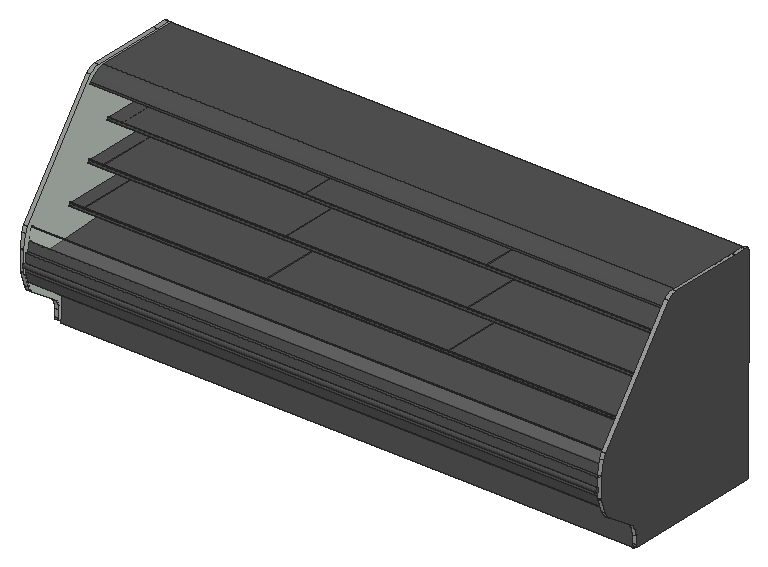
Revit family "E2V_2014", category Specialty Equipment, Revit 2014
Parameters (values of type "12'-0" Length")
  Width = 144 3/8"
  Waste Drain Location = if(Width = 48 1/8", 23 7/8", if(Width = 72 1/8", 48 1/16", if(Width = 96 1/4", 71 7/8", if(Width = 144 3/8", 72 1/4", 0"))))  # 72 1/4"
  Waste Drain = 1 1/2"  # constant formula
  URL = "www.hussmann.com"
  Type Comments = "Elite"  # constant formula
  Trim = Stainless Steel
  Total Weight = Case Weight + (2 * End Weight)  # 1200.00 lbf
  Splashguard = Textured Sheet Metal (Steel Painted) - 701 Black
  Side Panel - Right [instance] = yes
  Side Panel - Left [instance] = yes
  Shelves = Sheet Metal (Steel Painted) - 701 Black
  Shelf Lights [instance] = yes
  Shelf [instance] = yes
  Revit Family Date = "05/26/2016"  # constant formula
  Refrigeration Lines Suction = 7/8"  # constant formula
  Refrigeration Lines Liquid = 3/8"  # constant formula
  Refrig. Suction = "Suction"
  Refrig. Liquid = "Liquid"
  Number of Supports = if(Width < 50", 2, if(Width < 100", 3, 4))  # 4
  Number of Shelves = 3  # constant formula
  Note from Manufacturer = "This model only comes in 4'-0\", 6'-0\", 8'-0\", and 12'-0\" lengths."
  Model URL = "http://www.hussmann.com/en/product%20viewer/display-cases/E2,%20E3"
  Model = "E2V"  # constant formula
  Manufacturer Disclaimer = "The information in this file is not intended to be an exact representation of the corresponding Hussmann product.  Further, we reserve the right to change or revise specifications and product design in connection with any feature of our products. Such changes do not entitle the buyer to corresponding changes, improvements, additions, or replacements for equipment previously sold or shipped."  # constant formula
  Manufacturer = "Hussmann Corporation"  # constant formula
  Height = 52 3/4"  # constant formula
  Glazing = Glass
  Ends = Textured Sheet Metal (Steel Painted) - 701 Black
  End Weight = 100.00 lbf  # constant formula
  Description = "Self-Serve, Four-Level Display (3 Shelves Plus Bottom Deck)"  # constant formula
  Depth = 46 1/2"  # constant formula
  Cutsheet URL = "http://www.hussmann.com/en/Technical%20Documents/0475958_D_E2V.pdf"
  Case Weight = if(Width = 48 1/8", 400.00 lbf, if(Width = 72 1/8", 600.00 lbf, if(Width = 96 1/4", 800.00 lbf, if(Width = 144 3/8", 1000.00 lbf, 0.00 lbf))))  # 1000.00 lbf
  Case Interior - Side Panel = Mirror
  Case Interior - Back Panel = Sheet Metal (Steel Painted) - 701 Black
  Case = Textured Sheet Metal (Steel Painted) - 701 Black
  Bumper = Extruded PVC - 701 Black
  Assembly Code = ""
  Accessories/Options = ""
Types (4): name | Width | Waste Drain Location | Total Weight | Number of Supports | Case Weight
  12'-0" Length | 144 3/8" | 72 1/4" | 1200.00 lbf | 4 | 1000.00 lbf
  8'-0" Length | 96 1/4" | 71 7/8" | 1000.00 lbf | 3 | 800.00 lbf
  6'-0" Length | 72 1/8" | 48 1/16" | 800.00 lbf | 3 | 600.00 lbf
  4'-0" Length | 48 1/8" | 23 7/8" | 600.00 lbf | 2 | 400.00 lbf
Reference planes (in)
  plane 1 "Back": y = 0
  plane 2 "Bottom": z = 0
  plane 3 "Left": x = -77.30699
  plane 4 "Front": y = -46.5
  plane 5 "Center (Left/Right)": x = -5.11949
  plane 6: x = -78.30699
  plane 7 "Right": x = 67.06801
  plane 8: x = 68.06801
  plane 9: z = 40
  plane 10 "Top": z = 52.75
  plane 11: z = 26
  plane 12: z = 33
Forms (in)
  Extrusion 1, solid, material "Metal - Copper"
    sketch origin (63.0625, 1.04319, 0) x (1, 0, 0) y (0, 1, 0)
      loop
        arc (-68.11949, -27.91819) -> (-68.64982, -28.13786) -> (-68.86949, -28.66819) r 0.75
        arc (-68.86949, -28.66819) -> (-68.64982, -29.19852) -> (-68.11949, -29.41819) r 0.75
        arc (-68.11949, -29.41819) -> (-67.58916, -29.19852) -> (-67.36949, -28.66819) r 0.75
        arc (-67.36949, -28.66819) -> (-67.58916, -28.13786) -> (-68.11949, -27.91819) r 0.75
      loop
        circle (-68.11949, -28.66819) r 0.7102
    from 9.341 to 7.05684
  Extrusion 2, solid, material "Metal - Copper"
    sketch origin (57.40105, 5, -0.375) x (1, 0, 0) y (0, 1, 0)
      loop
        circle (0.85446, -35.75) r 0.41359
      loop
        circle (0.85446, -35.75) r 0.4375
    from 9.716 to 3.312
  Extrusion 3, solid, material "Metal - Copper"
    sketch origin (59.82608, 5, -0.375) x (1, 0, 0) y (0, 1, 0)
      loop
        circle (-0.94557, -35.75) r 0.17188
      loop
        circle (-0.94557, -35.75) r 0.1875
    from 9.716 to 3.312
  Extrusion 4, solid, material "Sheet Metal (Steel Painted) - 701 Black" <- "Shelves"
    sketch origin (-5.11949, 0, 0) x (0, 1, 0) y (0, 0, 1)
      loop
        line (-40.48372, 17.39215) -> (-9.62794, 19.0067) -> (-9.67063, 19.82268) -> (-40.52642, 18.20813) -> (-40.48372, 17.39215)
    from 72.1875 to -72.1875
  Extrusion 5, solid, material "Glass" <- "Glazing"
    sketch origin (-5.11949, 0, 0) x (0, 1, 0) y (0, 0, 1)
      loop
        line (-40.8455, 17.28741) -> (-40.5955, 17.28741) -> (-40.5955, 19.66241)
        arc (-40.5955, 19.66241) -> (-40.7205, 19.78741) -> (-40.8455, 19.66241) r 0.125
        line (-40.8455, 19.66241) -> (-40.8455, 17.28741)
      loop
        line (-44.47761, 20.4683) -> (-43.55252, 25.71474)
        arc (-43.55252, 25.71474) -> (-43.74395, 25.98814) -> (-44.01735, 25.7967) r 0.236
        line (-44.01735, 25.7967) -> (-44.94244, 20.55026) -> (-44.47761, 20.4683)
    from 72.1875 to -72.1875
  Extrusion 6, solid, material "Extruded PVC - 701 Black" <- "Bumper"
    sketch origin (-5.11949, 0, 0) x (0, 1, 0) y (0, 0, 1)
      loop
        arc (-45.94652, 18.62751) -> (-46.50002, 18.07401) -> (-45.94652, 17.52051) r 0.5535
        line (-45.94652, 17.52051) -> (-45.76342, 17.52051) -> (-45.76342, 18.62751) -> (-45.94652, 18.62751)
    from 72.1875 to -72.1875
  Extrusion 7, solid, material "Textured Sheet Metal (Steel Painted) - 701 Black" <- "Case"
    sketch origin (-5.11949, 0, 0) x (0, 1, 0) y (0, 0, 1)
      loop
        arc (-9.66572, 44.32179) -> (-9.63914, 44.3264) -> (-9.627, 44.3505) r 0.03
        line (-9.627, 44.3505) -> (-9.627, 47.82641) -> (-15.14588, 47.82641) -> (-16.29157, 46.67994) -> (-16.49346, 46.88183) -> (-16.46836, 46.90693) -> (-19.01093, 49.4495) -> (-19.32287, 49.13758) -> (-20.57112, 50.38583) -> (-20.57112, 51.24032) -> (-23.99891, 51.24032) -> (-24.82484, 49.80954)
        arc (-24.82484, 49.80954) -> (-25.27457, 49.8091) -> (-25.31947, 50.25658) r 0.335
        arc (-25.31947, 50.25658) -> (-23.54853, 51.88988) -> (-21.29819, 52.75002) r 6.37988
        line (-21.29819, 52.75002) -> (0, 52.75002) -> (0, 37.3865) -> (-0.15375, 37.3865) -> (-0.15375, 38.3865) -> (-3.25, 38.3865) -> (-3.25, 13.43411) -> (-10.34372, 9.341) -> (-36.25648, 9.341) -> (-36.55017, 9.51056) -> (-36.55017, 8.65) -> (-34.0935, 8.65) -> (-34.0935, 8.178) -> (-33.9385, 8.178) -> (-33.9385, 8.65) -> (-33.4035, 8.65) -> (-33.4035, 8.615) -> (-33.9035, 8.615) -> (-33.9035, 8.143) -> (-36.4065, 8.143) -> (-36.4065, 7.67614) -> (-36.03256, 7.67614) -> (-36.03256, 7.64114) -> (-36.4415, 7.64114) -> (-36.4415, 8.178) -> (-36.55633, 8.178) -> (-36.55549, 8.35988) -> (-36.74498, 8.35988) -> (-44.82332, 13.76872) -> (-45.76342, 16.44776) -> (-45.76342, 20.77364)
        arc (-45.76342, 20.77364) -> (-45.74174, 20.82598) -> (-45.6894, 20.84766) r 0.07402
        line (-45.6894, 20.84766) -> (-45.05141, 20.84766) -> (-44.61033, 23.10432) -> (-44.50068, 23.05556) -> (-44.94244, 20.55026) -> (-44.47761, 20.4683) -> (-44.38704, 20.98191) -> (-42.10955, 20.98191) -> (-42.10955, 18.05341) -> (-40.8455, 18.05341) -> (-40.8455, 17.28741) -> (-38.76934, 17.28741) -> (-38.76934, 16.49041) -> (-38.9685, 16.49041) -> (-38.9685, 15.236) -> (-18.49871, 15.236) -> (-10.93858, 18.76135) -> (-9.616, 18.76135) -> (-9.616, 44.285) -> (-9.686, 44.285)
        arc (-9.686, 44.285) -> (-9.70721, 44.27621) -> (-9.716, 44.255) r 0.03
        line (-9.716, 44.255) -> (-9.716, 43.7188) -> (-9.7515, 43.7188) -> (-9.7515, 44.255)
        arc (-9.7515, 44.255) -> (-9.72501, 44.30761) -> (-9.66697, 44.31767) r 0.0655
    from 72.1875 to -72.1875
  Extrusion 8, solid, material "Textured Sheet Metal (Steel Painted) - 701 Black" <- "Splashguard"
    sketch origin (-5.11949, 0, 0) x (0, 1, 0) y (0, 0, 1)
      loop
        line (-34.5, 0.07062) -> (-34.3225, 0.07062) -> (-34.3225, 0.024) -> (-28.3735, 0.024) -> (-28.3735, 2.008) -> (-28.9205, 2.008) -> (-28.9205, 0.571) -> (-33.7755, 0.571) -> (-33.7755, 0.107) -> (-34.065, 0.107) -> (-34.065, 8.037) -> (-33.79, 8.037) -> (-33.79, 7.637) -> (-33.755, 7.637) -> (-33.755, 8.072) -> (-34.5, 8.072) -> (-34.5, 0.07062)
    from 72.1875 to -72.1875
  Extrusion 9, solid, material "Stainless Steel"
    sketch origin (-5.11949, 0, 0) x (0, 1, 0) y (0, 0, 1)
      loop
        line (-7.6065, 2.173) -> (-7.6065, 2.102) -> (-6.7315, 2.102) -> (-6.7315, 0) -> (-4.3395, 0) -> (-4.3395, 2.102) -> (-3.4645, 2.102) -> (-3.4645, 2.173) -> (-4.4105, 2.173) -> (-4.4105, 0.071) -> (-6.6605, 0.071) -> (-6.6605, 2.173) -> (-7.6065, 2.173)
      loop
        line (-29.2485, 2.173) -> (-29.2485, 2.102) -> (-28.3735, 2.102) -> (-28.3735, 0) -> (-25.9815, 0) -> (-25.9815, 2.102) -> (-25.1065, 2.102) -> (-25.1065, 2.173) -> (-26.0525, 2.173) -> (-26.0525, 0.071) -> (-28.3025, 0.071) -> (-28.3025, 2.173) -> (-29.2485, 2.173)
    from 72.1875 to -72.1875
  Extrusion 10, solid, material "Textured Sheet Metal (Steel Painted) - 701 Black" <- "Ends", visible <- "Side Panel - Left"
    sketch origin (-77.30699, 0, 0) x (0, 1, 0) y (0, 0, 1)
      loop
        line (-24.84855, 51.86158) -> (-44.73038, 26.19719)
        arc (-44.73038, 26.19719) -> (-45.09076, 25.593) -> (-45.29544, 24.91993) r 2.907
        line (-45.29544, 24.91993) -> (-45.91396, 21.39949)
        arc (-45.91396, 21.39949) -> (-45.91961, 21.35639) -> (-45.9215, 21.31297) r 0.5
        line (-45.9215, 21.31297) -> (-45.9215, 16.27157)
        arc (-45.9215, 16.27157) -> (-45.9144, 16.1876) -> (-45.8933, 16.10601) r 0.5
        line (-45.8933, 16.10601) -> (-44.63688, 12.52557)
        arc (-44.63688, 12.52557) -> (-44.19221, 11.70832) -> (-43.51197, 11.07357) r 2.905
        line (-43.51197, 11.07357) -> (-36.85923, 6.61924)
        arc (-36.85923, 6.61924) -> (-35.57432, 5.19954) -> (-35.1095, 3.342) r 3.944
        line (-35.1095, 3.342) -> (-35.1095, 1.26732)
        arc (-35.1095, 1.26732) -> (-34.96305, 0.91377) -> (-34.6095, 0.76732) r 0.5
        line (-34.6095, 0.76732) -> (-0.3965, 0.76732)
        arc (-0.3965, 0.76732) -> (-0.04295, 0.91377) -> (0.1035, 1.26732) r 0.5
        line (0.1035, 1.26732) -> (0.1035, 1.76724) -> (0.1035, 51.98732) -> (0.1035, 52.48732)
        arc (0.1035, 52.48732) -> (-0.04295, 52.84088) -> (-0.3965, 52.98732) r 0.5
        line (-0.3965, 52.98732) -> (-3.8965, 52.98732) -> (-22.55243, 52.98732)
        arc (-22.55243, 52.98732) -> (-23.83105, 52.69075) -> (-24.84855, 51.86158) r 2.90451
    from 0 to -1
  Extrusion 11, solid, material "Textured Sheet Metal (Steel Painted) - 701 Black" <- "Ends", visible <- "Side Panel - Right"
    sketch origin (67.06801, 0, 0) x (0, 0, 1) y (0, -1, 0)
      loop
        line (51.86158, 24.84855) -> (26.19719, 44.73038)
        arc (26.19719, 44.73038) -> (25.593, 45.09076) -> (24.91993, 45.29544) r 2.907
        line (24.91993, 45.29544) -> (21.39949, 45.91396)
        arc (21.39949, 45.91396) -> (21.35639, 45.91961) -> (21.31297, 45.9215) r 0.5
        line (21.31297, 45.9215) -> (16.27157, 45.9215)
        arc (16.27157, 45.9215) -> (16.1876, 45.9144) -> (16.10601, 45.8933) r 0.5
        line (16.10601, 45.8933) -> (12.52557, 44.63688)
        arc (12.52557, 44.63688) -> (11.70832, 44.19221) -> (11.07357, 43.51197) r 2.905
        line (11.07357, 43.51197) -> (6.61924, 36.85923)
        arc (6.61924, 36.85923) -> (5.19954, 35.57432) -> (3.342, 35.1095) r 3.944
        line (3.342, 35.1095) -> (1.26732, 35.1095)
        arc (1.26732, 35.1095) -> (0.91377, 34.96305) -> (0.76732, 34.6095) r 0.5
        line (0.76732, 34.6095) -> (0.76732, 0.3965)
        arc (0.76732, 0.3965) -> (0.91377, 0.04295) -> (1.26732, -0.1035) r 0.5
        line (1.26732, -0.1035) -> (1.76724, -0.1035) -> (51.98732, -0.1035) -> (52.48732, -0.1035)
        arc (52.48732, -0.1035) -> (52.84088, 0.04295) -> (52.98732, 0.3965) r 0.5
        line (52.98732, 0.3965) -> (52.98732, 3.8965) -> (52.98732, 22.55243)
        arc (52.98732, 22.55243) -> (52.69075, 23.83105) -> (51.86158, 24.84855) r 2.90451
    from 1 to 0
  Extrusion 12, solid, material "Sheet Metal (Steel Painted) - 701 Black" <- "Shelves", visible <- "Shelf"
    sketch origin (-77.30699, 0, 4) x (0, 1, 0) y (0, 0, 1)
      loop
        line (-19.83741, 35.38588) -> (-19.63861, 35.58468) -> (-19.67113, 35.58468) -> (-19.85367, 35.40214)
        arc (-19.85367, 35.40214) -> (-19.87002, 35.39889) -> (-19.87928, 35.41275) r 0.015
        line (-19.87928, 35.41275) -> (-19.87928, 36.058)
        arc (-19.87928, 36.058) -> (-19.81666, 36.13197) -> (-19.73337, 36.08242) r 0.075
        line (-19.73337, 36.08242) -> (-19.70589, 36.00263)
        arc (-19.70589, 36.00263) -> (-19.69203, 35.98406) -> (-19.66997, 35.977) r 0.038
        line (-19.66997, 35.977) -> (-9.83349, 35.977) -> (-9.85649, 36) -> (-19.68067, 36) -> (-19.71162, 36.0899)
        arc (-19.71162, 36.0899) -> (-19.82046, 36.15465) -> (-19.90228, 36.058) r 0.098
        line (-19.90228, 36.058) -> (-19.90228, 35.41275)
        arc (-19.90228, 35.41275) -> (-19.87882, 35.37764) -> (-19.83741, 35.38588) r 0.038
      loop
        line (-31.83741, 21.38588) -> (-31.63861, 21.58468) -> (-31.67113, 21.58468) -> (-31.85367, 21.40214)
        arc (-31.85367, 21.40214) -> (-31.87002, 21.39889) -> (-31.87928, 21.41275) r 0.015
        line (-31.87928, 21.41275) -> (-31.87928, 22.058)
        arc (-31.87928, 22.058) -> (-31.81666, 22.13197) -> (-31.73337, 22.08242) r 0.075
        line (-31.73337, 22.08242) -> (-31.70589, 22.00263)
        arc (-31.70589, 22.00263) -> (-31.69203, 21.98406) -> (-31.66997, 21.977) r 0.038
        line (-31.66997, 21.977) -> (-9.83349, 21.977) -> (-9.85649, 22) -> (-31.68067, 22) -> (-31.71162, 22.0899)
        arc (-31.71162, 22.0899) -> (-31.82046, 22.15465) -> (-31.90228, 22.058) r 0.098
        line (-31.90228, 22.058) -> (-31.90228, 21.41275)
        arc (-31.90228, 21.41275) -> (-31.87882, 21.37764) -> (-31.83741, 21.38588) r 0.038
      loop
        line (-25.83741, 28.38588) -> (-25.63861, 28.58468) -> (-25.67113, 28.58468) -> (-25.85367, 28.40214)
        arc (-25.85367, 28.40214) -> (-25.87002, 28.39889) -> (-25.87928, 28.41275) r 0.015
        line (-25.87928, 28.41275) -> (-25.87928, 29.058)
        arc (-25.87928, 29.058) -> (-25.81666, 29.13197) -> (-25.73337, 29.08242) r 0.075
        line (-25.73337, 29.08242) -> (-25.70589, 29.00263)
        arc (-25.70589, 29.00263) -> (-25.69203, 28.98406) -> (-25.66997, 28.977) r 0.038
        line (-25.66997, 28.977) -> (-9.83349, 28.977) -> (-9.85649, 29) -> (-25.68067, 29) -> (-25.71162, 29.0899)
        arc (-25.71162, 29.0899) -> (-25.82046, 29.15465) -> (-25.90228, 29.058) r 0.098
        line (-25.90228, 29.058) -> (-25.90228, 28.41275)
        arc (-25.90228, 28.41275) -> (-25.87882, 28.37764) -> (-25.83741, 28.38588) r 0.038
    from 0 to 144.375
Lines and regions (in)
  reference lines
    curve 1: line (-73.80699, -46.5, 0) -> (-73.80699, 0, 0)
    curve 2: line (-5.05699, -46.5, 0) -> (-5.05699, 0, 0)
    curve 3: line (63.56801, -46.5, 0) -> (63.56801, 0, 0)
    curve 4: line (58.69301, -46.5, 0) -> (58.69301, 0, 0)
    curve 5: line (-77.30699, -27.625, 0) -> (67.06801, -27.625, 0)
    curve 6: line (67.06801, -30.75, 0) -> (-77.30699, -30.75, 0)
Dimensions and locks (in)
  equal spacing: plane 3 "Left", plane 5 "Center (Left/Right)", plane 7 "Right"
  locked: plane 6 to plane 3 "Left" at 1
  "Width": plane 3 "Left" to plane 7 "Right"
  locked: plane 3 "Left" to curve 1 at 3.5
  locked: curve 3 to plane 7 "Right" at 3.5
  "Waste Drain Location": plane 3 "Left" to curve 2
  "Depth": plane 4 "Front" to plane 1 "Back"
  locked: curve 4 to plane 7 "Right" at 8.375
  plane 10 "Top" to level = 52 3/4"
  locked: plane 1 "Back" to curve 5 at 27.625
  locked: plane 1 "Back" to curve 6 at 30.75
  locked: plane 7 "Right" to plane 8 at 1
  locked: Extrusion 1 sketch curve to Extrusion 1 sketch curve at 0.0398
  locked: Extrusion 3 sketch curve to Extrusion 3 sketch curve at 0.01562
  locked: Extrusion 2 sketch curve to Extrusion 2 sketch curve at 0.02391
  locked: level to plane 9 at 40
  equal spacing: group 1, group 3, group 4, group 2  (x3)
  level to plane 12 = 33"
  level to plane 11 = 26"
  "Waste Drain": diameter of Extrusion 1 sketch curve
  "Refrigeration Lines Liquid": diameter of Extrusion 3 sketch curve
  "Refrigeration Lines Suction": diameter of Extrusion 2 sketch curve
  aligned and locked: plane 4 "Front" to curve 2
  aligned and locked: plane 4 "Front" to curve 3
  aligned and locked: plane 4 "Front" to curve 1
  aligned and locked: plane 3 "Left" to curve 5
  aligned and locked: plane 3 "Left" to curve 6
  aligned and locked: plane 7 "Right" to curve 6
  aligned and locked: plane 7 "Right" to curve 5
  aligned and locked: curve 6 to Extrusion 3 sketch curve  (x4)
  aligned and locked: curve 6 to Extrusion 2 sketch curve  (x4)
  aligned and locked: curve 5 to Extrusion 1 sketch curve  (x3)
  aligned and locked: curve 2 to Extrusion 1 sketch curve
  aligned and locked: curve 4 to Extrusion 3 sketch curve
  aligned and locked: curve 4 to Extrusion 2 sketch curve
  aligned and locked: Extrusion 4 to plane 3 "Left"
  aligned and locked: plane 7 "Right" to Extrusion 4
  aligned and locked: Extrusion 5 to plane 3 "Left"
  aligned and locked: plane 7 "Right" to Extrusion 5
  aligned and locked: Extrusion 6 to plane 3 "Left"
  aligned and locked: plane 7 "Right" to Extrusion 6
  aligned and locked: Extrusion 7 to plane 3 "Left"
  aligned and locked: plane 7 "Right" to Extrusion 7
  aligned and locked: Extrusion 8 to plane 3 "Left"
  aligned and locked: plane 7 "Right" to Extrusion 8
  aligned and locked: Extrusion 9 to plane 3 "Left"
  aligned and locked: plane 7 "Right" to Extrusion 9
  aligned and locked: plane 3 "Left" to nested 1
  aligned and locked: plane 3 "Left" to nested 2
  aligned and locked: plane 6 to Extrusion 10
  aligned and locked: plane 3 "Left" to Extrusion 10
  aligned and locked: plane 8 to Extrusion 11
  aligned and locked: Extrusion 11 to plane 7 "Right"
  aligned and locked: curve 1 to nested 4
  aligned and locked: curve 1 to nested 3
  aligned and locked: plane 7 "Right" to Extrusion 12
  aligned and locked: Extrusion 12 to plane 3 "Left"
  aligned and locked: curve 3 to nested 6
  aligned and locked: curve 3 to nested 5
  aligned and locked: plane 1 "Back" to nested 7
  aligned and locked: curve 1 to nested 7
  aligned and locked: plane 3 "Left" to nested 9
  aligned and locked: plane 3 "Left" to nested 10
  aligned and locked: plane 3 "Left" to nested 21
Automatic sketch dimensions
  plane 4 "Front" to Extrusion 6 sketch curve = 0.55348"
  level to Extrusion 6 sketch curve = 17.52051"
  Extrusion 6 sketch curve to Extrusion 6 sketch curve = 0.5535"
  Extrusion 6 sketch curve to Extrusion 6 sketch curve = 0.1831"
  Extrusion 9 sketch curve to level = 0"  (x2)
  level to Extrusion 9 sketch curve = 2.173"  (x2)
  plane 4 "Front" to Extrusion 9 sketch curve = 17.2515"
  Extrusion 9 sketch curve to Extrusion 9 sketch curve = 7/8"  (x4)
  Extrusion 9 sketch curve to Extrusion 9 sketch curve = 0.071"  (x8)
  Extrusion 9 sketch curve to Extrusion 9 sketch curve = 2 1/4"  (x2)
  plane 1 "Back" to Extrusion 9 sketch curve = 7.6065"
  level to Extrusion 9 sketch curve = 0.071"  (x2)
  Extrusion 9 sketch curve to Extrusion 9 sketch curve = 2.031"
  level to Extrusion 9 sketch curve = 2.102"
  Extrusion 5 sketch curve to Extrusion 5 sketch curve = 1/8"
  Extrusion 5 sketch curve to Extrusion 5 sketch curve = 2 3/8"
  plane 4 "Front" to Extrusion 5 sketch curve = 5.6545"
  plane 4 "Front" to Extrusion 5 sketch curve = 2.94748"
  Extrusion 5 sketch curve to Extrusion 5 sketch curve = 0.23241"  (x2)
  plane 4 "Front" to Extrusion 5 sketch curve = 2.02239"
  Extrusion 5 sketch curve to Extrusion 5 sketch curve = 119/256"
  Extrusion 7 sketch curve to Extrusion 7 sketch curve = 0"  (x3)
  Extrusion 7 sketch curve to plane 1 "Back" = 0"
  plane 1 "Back" to Extrusion 7 sketch curve = 0.15375"
  Extrusion 7 sketch curve to Extrusion 7 sketch curve = 3.09625"
  Extrusion 7 sketch curve to Extrusion 7 sketch curve = 6.366"
  Extrusion 7 sketch curve to Extrusion 7 sketch curve = 0.011"
  Extrusion 7 sketch curve to Extrusion 7 sketch curve = 0.03"  (x2)
  Extrusion 7 sketch curve to Extrusion 7 sketch curve = 0.07"
  Extrusion 7 sketch curve to Extrusion 7 sketch curve = 0.0355"
  Extrusion 7 sketch curve to Extrusion 7 sketch curve = 8.15499"
  Extrusion 7 sketch curve to Extrusion 7 sketch curve = 5.51888"
  Extrusion 7 sketch curve to Extrusion 7 sketch curve = 1.14569"
  Extrusion 7 sketch curve to Extrusion 7 sketch curve = 0.17679"
  level to Extrusion 7 sketch curve = 46.88183"
  Extrusion 7 sketch curve to Extrusion 7 sketch curve = 0.31195"
  Extrusion 7 sketch curve to Extrusion 7 sketch curve = 0.86361"
  Extrusion 7 sketch curve to Extrusion 7 sketch curve = 1.5602"
  Extrusion 7 sketch curve to Extrusion 7 sketch curve = 0.72706"
  Extrusion 7 sketch curve to Extrusion 7 sketch curve = 2.70073"
  Extrusion 7 sketch curve to Extrusion 7 sketch curve = 0.82592"
  Extrusion 7 sketch curve to Extrusion 7 sketch curve = 0.22511"
  plane 4 "Front" to Extrusion 7 sketch curve = 13.0965"
  Extrusion 7 sketch curve to Extrusion 7 sketch curve = 1/2"
  Extrusion 7 sketch curve to Extrusion 7 sketch curve = 0.035"  (x5)
  Extrusion 7 sketch curve to Extrusion 7 sketch curve = 0.15501"
  Extrusion 7 sketch curve to Extrusion 7 sketch curve = 1.93905"
  Extrusion 7 sketch curve to Extrusion 7 sketch curve = 0.22392"
  Extrusion 7 sketch curve to Extrusion 7 sketch curve = 0.40895"
  Extrusion 7 sketch curve to Extrusion 7 sketch curve = 0.11482"
  Extrusion 7 sketch curve to Extrusion 7 sketch curve = 0.29369"
  Extrusion 7 sketch curve to Extrusion 7 sketch curve = 0.18949"
  Extrusion 7 sketch curve to Extrusion 7 sketch curve = 2.21917"
  Extrusion 7 sketch curve to Extrusion 7 sketch curve = 0.19916"
  Extrusion 7 sketch curve to Extrusion 7 sketch curve = 2.07616"
  Extrusion 7 sketch curve to Extrusion 7 sketch curve = 1.26405"
  plane 4 "Front" to Extrusion 7 sketch curve = 2.11296"
  Extrusion 7 sketch curve to Extrusion 7 sketch curve = 0.09056"
  plane 4 "Front" to Extrusion 7 sketch curve = 1.99932"
  Extrusion 7 sketch curve to Extrusion 7 sketch curve = 0.10965"
  plane 4 "Front" to Extrusion 7 sketch curve = 1.67668"
  Extrusion 7 sketch curve to Extrusion 7 sketch curve = 119/256"
  Extrusion 7 sketch curve to Extrusion 7 sketch curve = 0.10897"
  Extrusion 7 sketch curve to Extrusion 7 sketch curve = 0.63799"
  plane 4 "Front" to Extrusion 7 sketch curve = 0.73658"
  Extrusion 7 sketch curve to Extrusion 7 sketch curve = 2.07365"
  Extrusion 7 sketch curve to Extrusion 7 sketch curve = 0.2974"
  Extrusion 7 sketch curve to Extrusion 7 sketch curve = 2.9285"
  Extrusion 7 sketch curve to Extrusion 7 sketch curve = 0.766"
  Extrusion 7 sketch curve to Extrusion 7 sketch curve = 0.797"
  Extrusion 7 sketch curve to Extrusion 7 sketch curve = 1.60565"
  Extrusion 7 sketch curve to Extrusion 7 sketch curve = 2.67904"
  Extrusion 7 sketch curve to Extrusion 7 sketch curve = 1.80189"
  Extrusion 7 sketch curve to Extrusion 7 sketch curve = 5.72544"
  Extrusion 7 sketch curve to Extrusion 7 sketch curve = 5.895"
  Extrusion 7 sketch curve to Extrusion 7 sketch curve = 0.691"
  Extrusion 7 sketch curve to Extrusion 7 sketch curve = 0.29012"
  Extrusion 7 sketch curve to Extrusion 7 sketch curve = 0.18188"
  Extrusion 7 sketch curve to Extrusion 7 sketch curve = 0.437"
  Extrusion 7 sketch curve to Extrusion 7 sketch curve = 0.46685"
  plane 9 to Extrusion 7 sketch curve = 2.6135"
  plane 9 to Extrusion 7 sketch curve = 1.6135"
  Extrusion 7 sketch curve to Extrusion 7 sketch curve = 4.10761"
  Extrusion 7 sketch curve to Extrusion 7 sketch curve = 0.5362"
  Extrusion 7 sketch curve to Extrusion 7 sketch curve = 0.0655"
  Extrusion 7 sketch curve to Extrusion 7 sketch curve = 0.24809"
  Extrusion 7 sketch curve to Extrusion 7 sketch curve = 0.8545"
  Extrusion 7 sketch curve to Extrusion 7 sketch curve = 0.00872"
  Extrusion 7 sketch curve to Extrusion 7 sketch curve = 0.00125"
  Extrusion 7 sketch curve to Extrusion 7 sketch curve = 0.18865"
  level to Extrusion 8 sketch curve = 7.637"
  plane 4 "Front" to Extrusion 8 sketch curve = 12.71"
  Extrusion 8 sketch curve to Extrusion 8 sketch curve = 0.035"  (x2)
  Extrusion 8 sketch curve to Extrusion 8 sketch curve = 0.275"
  level to Extrusion 8 sketch curve = 2.008"
  Extrusion 8 sketch curve to Extrusion 8 sketch curve = 4.855"
  Extrusion 8 sketch curve to Extrusion 8 sketch curve = 0.547"  (x2)
  level to Extrusion 8 sketch curve = 0.07062"
  Extrusion 8 sketch curve to Extrusion 8 sketch curve = 0.464"
  Extrusion 8 sketch curve to Extrusion 8 sketch curve = 0.1775"
  level to Extrusion 8 sketch curve = 0.024"
  Extrusion 8 sketch curve to Extrusion 8 sketch curve = 0.03638"
  Extrusion 8 sketch curve to Extrusion 8 sketch curve = 0.2575"
  Extrusion 8 sketch curve to Extrusion 8 sketch curve = 0.4"
  plane 4 "Front" to Extrusion 4 sketch curve = 5.97358"
  Extrusion 4 sketch curve to Extrusion 4 sketch curve = 0.0427"
  plane 1 "Back" to Extrusion 4 sketch curve = 9.67063"
  Extrusion 4 sketch curve to Extrusion 4 sketch curve = 0.81598"
  plane 10 "Top" to Extrusion 7 sketch curve = 2.69237"
  Extrusion 7 sketch curve to Extrusion 7 sketch curve = 8.58159"
  Extrusion 7 sketch curve to Extrusion 7 sketch curve = 0.0251"
  Extrusion 7 sketch curve to plane 9 = 3.7188"
  Extrusion 7 sketch curve to Extrusion 7 sketch curve = 0.41408"
  Extrusion 7 sketch curve to Extrusion 7 sketch curve = 0.20189"
  Extrusion 7 sketch curve to Extrusion 7 sketch curve = 0.31193"
  Extrusion 7 sketch curve to Extrusion 7 sketch curve = 1.24825"
  Extrusion 7 sketch curve to plane 10 "Top" = 0.00002"
  level to Extrusion 11 sketch curve = 0.76732"
  plane 1 "Back" to Extrusion 11 sketch curve = 0.3965"
  Extrusion 11 sketch curve to Extrusion 11 sketch curve = 1/2"  (x2)
  Extrusion 11 sketch curve to Extrusion 11 sketch curve = 0.49992"
  Extrusion 11 sketch curve to Extrusion 11 sketch curve = 2.07467"
  Extrusion 11 sketch curve to Extrusion 11 sketch curve = 3.27724"
  plane 4 "Front" to Extrusion 11 sketch curve = 2.98803"
  Extrusion 11 sketch curve to Extrusion 11 sketch curve = 4.45433"
  plane 4 "Front" to Extrusion 11 sketch curve = 1.86312"
  Extrusion 11 sketch curve to Extrusion 11 sketch curve = 1.452"
  Extrusion 11 sketch curve to Extrusion 11 sketch curve = 0.96189"
  plane 4 "Front" to Extrusion 11 sketch curve = 0.6067"
  Extrusion 11 sketch curve to Extrusion 11 sketch curve = 3.58044"
  Extrusion 11 sketch curve to Extrusion 11 sketch curve = 0.16556"
  plane 4 "Front" to Extrusion 11 sketch curve = 1.0785"
  Extrusion 11 sketch curve to Extrusion 11 sketch curve = 5.0414"
  plane 4 "Front" to Extrusion 11 sketch curve = 0.58604"
  Extrusion 11 sketch curve to Extrusion 11 sketch curve = 0.08652"
  plane 4 "Front" to Extrusion 11 sketch curve = 1.20456"
  Extrusion 11 sketch curve to Extrusion 11 sketch curve = 0.50303"
  Extrusion 11 sketch curve to Extrusion 11 sketch curve = 1.27726"
  plane 10 "Top" to Extrusion 11 sketch curve = 2.66719"
  plane 10 "Top" to Extrusion 11 sketch curve = 0.88842"
  plane 10 "Top" to Extrusion 11 sketch curve = 0.76268"
  plane 10 "Top" to Extrusion 11 sketch curve = 0.26268"
  Extrusion 11 sketch curve to plane 10 "Top" = 0.23732"
  Extrusion 11 sketch curve to Extrusion 11 sketch curve = 3 1/2"
  Extrusion 11 sketch curve to Extrusion 11 sketch curve = 18.65593"
  plane 4 "Front" to Extrusion 11 sketch curve = 11.8905"
  Extrusion 11 sketch curve to Extrusion 11 sketch curve = 1.74973"
  Extrusion 11 sketch curve to Extrusion 11 sketch curve = 2.86315"
  plane 4 "Front" to Extrusion 10 sketch curve = 0.5785"
  Extrusion 10 sketch curve to Extrusion 10 sketch curve = 0.00754"
  Extrusion 10 sketch curve to Extrusion 10 sketch curve = 0.0282"
  Extrusion 10 sketch curve to Extrusion 10 sketch curve = 1/2"  (x3)
  Extrusion 10 sketch curve to Extrusion 10 sketch curve = 0.4718"
  plane 4 "Front" to Extrusion 10 sketch curve = 1.20456"
  Extrusion 10 sketch curve to Extrusion 10 sketch curve = 0.56506"
  plane 4 "Front" to Extrusion 10 sketch curve = 1.86312"
  Extrusion 10 sketch curve to Extrusion 10 sketch curve = 1.12491"
  Extrusion 10 sketch curve to Extrusion 10 sketch curve = 2.86315"
  Extrusion 10 sketch curve to Extrusion 10 sketch curve = 1.61622"
  plane 4 "Front" to Extrusion 10 sketch curve = 7.4465"
  level to Extrusion 10 sketch curve = 6.61924"
  Extrusion 10 sketch curve to Extrusion 10 sketch curve = 2.19427"
  level to Extrusion 10 sketch curve = 3.342"
  plane 10 "Top" to Extrusion 10 sketch curve = 0.88842"
  plane 4 "Front" to Extrusion 10 sketch curve = 21.65145"
  Extrusion 10 sketch curve to Extrusion 10 sketch curve = 2.29612"
  Extrusion 10 sketch curve to plane 10 "Top" = 0.23732"
  plane 1 "Back" to Extrusion 10 sketch curve = 3.8965"
  plane 1 "Back" to Extrusion 10 sketch curve = 0.3965"  (x2)
  Extrusion 10 sketch curve to plane 1 "Back" = 0.1035"
  level to Extrusion 10 sketch curve = 1.76724"
  level to Extrusion 10 sketch curve = 1.26732"
  Extrusion 10 sketch curve to Extrusion 10 sketch curve = 4.45433"
  Extrusion 10 sketch curve to Extrusion 10 sketch curve = 1.452"
  Extrusion 10 sketch curve to Extrusion 10 sketch curve = 3.58044"
  Extrusion 10 sketch curve to Extrusion 10 sketch curve = 5.0414"
  Extrusion 10 sketch curve to Extrusion 10 sketch curve = 0.50303"
  Extrusion 7 sketch curve to Extrusion 7 sketch curve = 7.56014"
  Extrusion 7 sketch curve to Extrusion 7 sketch curve = 3.52535"
  Extrusion 7 sketch curve to Extrusion 7 sketch curve = 1.32258"
  Extrusion 1 sketch curve to Extrusion 1 sketch curve = 0"  (x2)
  Extrusion 2 sketch curve to Extrusion 2 sketch curve = 0"
  Extrusion 3 sketch curve to Extrusion 3 sketch curve = 0"
  curve 4 to plane 4 "Front" = 0"
  plane 1 "Back" to curve 4 = 0"
  plane 1 "Back" to curve 1 = 0"
  plane 1 "Back" to curve 3 = 0"
  plane 1 "Back" to curve 2 = 0"
  Extrusion 12 sketch curve to Extrusion 12 sketch curve = 0"  (x17)
  plane 9 to Extrusion 12 sketch curve = 0"
  plane 4 "Front" to Extrusion 12 sketch curve = 20.59772"
  Extrusion 12 sketch curve to Extrusion 12 sketch curve = 6"
  Extrusion 12 sketch curve to Extrusion 12 sketch curve = 0.023"  (x8)
  Extrusion 12 sketch curve to Extrusion 12 sketch curve = 0.015"  (x3)
  Extrusion 12 sketch curve to Extrusion 12 sketch curve = 0.075"  (x3)
  plane 9 to Extrusion 12 sketch curve = 6.91758"
  Extrusion 12 sketch curve to Extrusion 12 sketch curve = 0.07091"  (x2)
  plane 9 to Extrusion 12 sketch curve = 6.9101"
  Extrusion 12 sketch curve to Extrusion 12 sketch curve = 0.02747"  (x3)
  plane 9 to Extrusion 12 sketch curve = 6.99737"
  Extrusion 12 sketch curve to Extrusion 12 sketch curve = 0.02523"  (x3)
  Extrusion 12 sketch curve to Extrusion 12 sketch curve = 0.18254"  (x5)
  Extrusion 12 sketch curve to Extrusion 12 sketch curve = 0.0107"  (x3)
  Extrusion 12 sketch curve to Extrusion 12 sketch curve = 0.03253"  (x3)
  plane 9 to Extrusion 12 sketch curve = 0.58725"
  Extrusion 12 sketch curve to Extrusion 12 sketch curve = 5.76769"
  plane 9 to Extrusion 12 sketch curve = 0.59786"
  plane 9 to Extrusion 12 sketch curve = 0.61412"
  Extrusion 12 sketch curve to plane 9 = 0.058"
  Extrusion 12 sketch curve to plane 9 = 0.08242"
  Extrusion 12 sketch curve to plane 9 = 0.0899"
  Extrusion 12 sketch curve to plane 9 = 0.00263"
  plane 9 to Extrusion 12 sketch curve = 0.41532"
  Extrusion 12 sketch curve to Extrusion 12 sketch curve = 9.78212"
  plane 9 to Extrusion 12 sketch curve = 0.023"
  Extrusion 12 sketch curve to Extrusion 12 sketch curve = 0.02563"
  plane 11 to Extrusion 4 sketch curve = 8.60785"
  plane 11 to Extrusion 5 sketch curve = 8.71259"
  Extrusion 5 sketch curve to Extrusion 5 sketch curve = 0.80589"
  Extrusion 5 sketch curve to Extrusion 5 sketch curve = 0.08196"
  plane 11 to Extrusion 7 sketch curve = 2.89568"
  Extrusion 7 sketch curve to Extrusion 7 sketch curve = 0.04876"
  plane 11 to Extrusion 7 sketch curve = 7.23865"
  plane 11 to Extrusion 10 sketch curve = 1.5831"
  plane 11 to Extrusion 11 sketch curve = 1.5831"
  plane 11 to Extrusion 12 sketch curve = 0.59786"
  Extrusion 12 sketch curve to Extrusion 12 sketch curve = 0.01061"  (x2)
  plane 11 to Extrusion 12 sketch curve = 0.61412"
  Extrusion 12 sketch curve to plane 11 = 0.08242"
  Extrusion 12 sketch curve to plane 11 = 0.0899"
  plane 12 to Extrusion 12 sketch curve = 0.59786"
  plane 12 to Extrusion 12 sketch curve = 0.61412"
  plane 11 to Extrusion 12 sketch curve = 0.023"
  Extrusion 12 sketch curve to Extrusion 12 sketch curve = 0.00263"
Nested families (in)
  nested 1: "Light" at (-5.30699, -14.69399, -2.47968), type "Light"
    with Length 144 3/8"
  nested 2: "Light" at (-5.30699, -12.69399, -2.47968), type "Light"
    with Length 144 3/8"
  nested 3: "Shelf - E Series" at (-73.93199, -9.60228, 21.08109), visible <- "Shelf", type "22""
    with Depth 22"
  nested 4: "Shelf - E Series" at (-73.93199, -9.60228, 35.08109), visible <- "Shelf", type "10""
    with Depth 10"
  nested 5: "Shelf - E Series" at (63.44301, -9.60228, 21.08109), visible <- "Shelf", type "22""
    with Depth 22"
  nested 6: "Shelf - E Series" at (63.44301, -9.60228, 35.08109), visible <- "Shelf", type "10""
    with Depth 10"
  nested 7: "Cross Member - E Series" at (-72.3125, 0.34772, 0), type "Cross Member - E Series"
  nested 8: "Cross Member - E Series" at (65.0625, 0.34772, 0), type "Cross Member - E Series"
  nested 9: "Light" at (-5.30699, -9.97829, -13.0215), visible <- "Shelf Lights", type "Light"
    with Length 144 3/8"
  nested 10: "Light" at (-5.30699, -21.97829, -27.0215), visible <- "Shelf Lights", type "Light"
    with Length 144 3/8"
  nested 11: "Shelf - E Series" at (-28.14032, -9.60228, 21.08109), visible <- "Shelf", type "22""
    with Depth 22"
  nested 12: "Shelf - E Series" at (-28.14032, -9.60228, 35.08109), visible <- "Shelf", type "10""
    with Depth 10"
  nested 13: "Cross Member - E Series" at (-26.52083, 0.34772, 0), type "Cross Member - E Series"
  nested 14: "Shelf - E Series" at (17.65135, -9.60228, 21.08109), visible <- "Shelf", type "22""
    with Depth 22"
  nested 15: "Shelf - E Series" at (17.65135, -9.60228, 35.08109), visible <- "Shelf", type "10""
    with Depth 10"
  nested 16: "Cross Member - E Series" at (19.27083, 0.34772, 0), type "Cross Member - E Series"
  nested 17: "Shelf - E Series" at (63.44301, -9.60228, 28.08109), visible <- "Shelf", type "16""
    with Depth 16"
  nested 18: "Shelf - E Series" at (-73.93199, -9.60228, 28.08109), visible <- "Shelf", type "16""
    with Depth 16"
  nested 19: "Shelf - E Series" at (-28.14032, -9.60228, 28.08109), visible <- "Shelf", type "16""
    with Depth 16"
  nested 20: "Shelf - E Series" at (17.65135, -9.60228, 28.08109), visible <- "Shelf", type "16""
    with Depth 16"
  nested 21: "Light" at (-5.30699, -15.97829, -20.0215), visible <- "Shelf Lights", type "Light"
    with Length 144 3/8"
Connectors (in)
  piping at (-5.05699, -27.625, 7.05684), diameter 1.5, driven by "Waste Drain"
    settings: on Extrusion 1, index 8, connector inside diameter 1 1/4", connector length 0", flow factor 0, pipe flow 0 GPM, pressure drop 0.00 psi, fitting loss kfactor 0, connector angle 0.00°, fixture units 0, engagement length 0", angle of deflection 0.00°, flow configuration 0, flow direction 0, fitting loss method 0, system type 16, joint type 0, gender type 0, connector reference index -1, connector utility 0, adjustable connector no, is connector primary yes, connector description "1 1/4\""
  piping at (58.25551, -30.75, 2.937), diameter 0.875, driven by "Refrig. Suction", driven by "Refrigeration Lines Suction"
    settings: on Extrusion 2, index 9, connector inside diameter 7/8", connector length 0", flow factor 0, pipe flow 0 GPM, pressure drop 0.00 psi, fitting loss kfactor 0, connector angle 0.00°, fixture units 0, engagement length 0", angle of deflection 0.00°, flow configuration 0, flow direction 2, fitting loss method 0, system type 22, joint type 0, gender type 0, connector reference index -1, connector utility 0, adjustable connector no, is connector primary no, connector description "Suction"
  piping at (58.88051, -30.75, 2.937), diameter 0.375, driven by "Refrig. Liquid", driven by "Refrigeration Lines Liquid"
    settings: on Extrusion 3, index 10, connector inside diameter 3/8", connector length 0", flow factor 0, pipe flow 0 GPM, pressure drop 0.00 psi, fitting loss kfactor 0, connector angle 0.00°, fixture units 0, engagement length 0", angle of deflection 0.00°, flow configuration 0, flow direction 1, fitting loss method 0, system type 22, joint type 0, gender type 0, connector reference index -1, connector utility 0, adjustable connector no, is connector primary no, connector description "Liquid"
Definition of nested family "Shelf - E Series"
  Parameters (values of type "18"")
    Width = 1/4"
    Shelf Bracket = Sheet Metal (Steel Painted) - 701 Black
    Height = 4.89591"
    Depth = 12"
  Types (2): name
    18"
    12"
  Reference planes (in)
    plane 1 "Back": y = 0
    plane 2: z = 0
    plane 3 "Left": x = 0
    plane 4 "Front": y = -12
    plane 5 "Right": x = 0.25
    plane 6: z = 4.89591
    plane 7 "Center (Left/Right)": x = 0.125
  Forms (in)
    Extrusion 1, solid, material "Sheet Metal (Steel Painted) - 701 Black" <- "Shelf Bracket"
      sketch origin (0, 0, 0) x (0, 1, 0) y (0, 0, 1)
        loop
          line (0.07326, 0.26836) -> (0.18143, 0.26875)
          arc (0.18143, 0.26875) -> (0.3025, 0.36199) -> (0.24317, 0.50282) r 0.12517
          line (0.24317, 0.50282) -> (-0.04494, 0.66605)
          arc (-0.04494, 0.66605) -> (-0.07187, 0.69679) -> (-0.07382, 0.7376) r 0.062
          line (-0.07382, 0.7376) -> (0.10406, 1.33811) -> (0.09305, 2.59922) -> (0.01772, 3.20416)
          arc (0.01772, 3.20416) -> (0.03288, 3.25348) -> (0.07981, 3.27494) r 0.063
          line (0.07981, 3.27494) -> (0.15806, 3.27547) -> (0.15929, 3.09434) -> (0.56271, 3.06679) -> (0.68212, 3.03122) -> (0.63408, 2.86666) -> (1.2983, 2.73359) -> (1.40516, 2.66752) -> (1.32096, 2.53134) -> (1.94726, 2.21454) -> (2.03229, 2.12435) -> (1.91623, 2.01494)
          arc (1.91623, 2.01494) -> (2.32601, 2.00181) -> (2.34025, 2.41156) r 0.2903
          arc (2.34025, 2.41156) -> (1.62913, 3.00885) -> (0.79406, 3.41517) r 3.78823
          arc (0.79406, 3.41517) -> (0.76115, 3.40549) -> (0.74067, 3.43301) r 0.03
          arc (0.74067, 3.43301) -> (0.42541, 3.52091) -> (0.10373, 3.58126) r 3.78823
          arc (0.10373, 3.58126) -> (0.02969, 3.62316) -> (-0.00038, 3.70274) r 0.125
          line (-0.00038, 3.70274) -> (-0.01867, 4.21036)
          arc (-0.01867, 4.21036) -> (-0.00134, 4.25606) -> (0.04347, 4.27562) r 0.063
          line (0.04347, 4.27562) -> (0.14916, 4.277) -> (0.15148, 4.09933) -> (0.8496, 4.03037) -> (0.96839, 3.99481) -> (0.92223, 3.84061) -> (1.16715, 3.78222)
          arc (1.16715, 3.78222) -> (1.31884, 3.92198) -> (1.24674, 4.11523) r 0.18489
          arc (1.24674, 4.11523) -> (0.5579, 4.49791) -> (-0.2, 4.71364) r 3.43695
          arc (-0.2, 4.71364) -> (-0.21607, 4.71919) -> (-0.23121, 4.72694) r 0.121
          line (-0.23121, 4.72694) -> (-0.23121, 4.89591) -> (-12, 4.89591) -> (-12, 4.52233)
          spline (-12, 4.52233) -> (-11.99893, 4.50603) -> (-11.99574, 4.49) -> (-11.99049, 4.47453) -> (-11.98325, 4.45987) -> (-11.97417, 4.44628) -> (-11.96339, 4.434) -> (-11.9511, 4.42322) -> (-11.9375, 4.41415) -> (-11.92284, 4.40692) -> (-11.90735, 4.40167) -> (-11.89132, 4.39848) -> (-11.875, 4.39741)
          line (-11.875, 4.39741) -> (-10.09303, 4.39741)
          spline (-10.09303, 4.39741) -> (-10.07672, 4.39634) -> (-10.06068, 4.39315) -> (-10.0452, 4.3879) -> (-10.03053, 4.38067) -> (-10.01694, 4.37159) -> (-10.00465, 4.36082) -> (-9.99387, 4.34853) -> (-9.98478, 4.33495) -> (-9.97755, 4.32029) -> (-9.9723, 4.30482) -> (-9.96911, 4.28879) -> (-9.96804, 4.27249)
          line (-9.96804, 4.27249) -> (-9.96804, 3.92271)
          spline (-9.96804, 3.92271) -> (-9.96697, 3.9064) -> (-9.96378, 3.89037) -> (-9.95852, 3.8749) -> (-9.95129, 3.86025) -> (-9.94221, 3.84666) -> (-9.93142, 3.83437) -> (-9.91913, 3.8236) -> (-9.90554, 3.81452) -> (-9.89087, 3.80729) -> (-9.87539, 3.80204) -> (-9.85935, 3.79885) -> (-9.84304, 3.79779)
          line (-9.84304, 3.79779) -> (-3.71618, 3.79779)
          arc (-3.71618, 3.79779) -> (-2.98005, 3.43429) -> (-2.45199, 2.80567) r 1.99996
          line (-2.45199, 2.80567) -> (-1.47212, 0.97726)
          arc (-1.47212, 0.97726) -> (-1.05125, 0.43902) -> (-0.47377, 0.07386) r 1.99996
          line (-0.47377, 0.07386) -> (-0.29521, 0) -> (-0.24369, 0.17221) -> (0.07446, 0.09812) -> (0.07326, 0.26836)
      from 0 to 0.25
  Dimensions and locks (in)
    "Depth": plane 4 "Front" to plane 1 "Back"
    locked: Extrusion 1 sketch curve to plane 1 "Back" at 3.71618
    locked: plane 4 "Front" to Extrusion 1 sketch curve at 2.03196
    "Width": plane 5 "Right" to plane 3 "Left"
    "Height": plane 6 to level
    equal spacing: plane 3 "Left", plane 7 "Center (Left/Right)", plane 5 "Right"
    aligned and locked: plane 2 to level
    aligned and locked: Extrusion 1 to plane 3 "Left"
    aligned and locked: plane 5 "Right" to Extrusion 1
    aligned and locked: Extrusion 1 sketch curve to plane 4 "Front"
  Automatic sketch dimensions
    Extrusion 1 sketch curve to Extrusion 1 sketch curve = 0"  (x2)
    Extrusion 1 sketch curve to level = 0"
    Extrusion 1 sketch curve to plane 4 "Front" = 1/8"
    Extrusion 1 sketch curve to Extrusion 1 sketch curve = 1/8"  (x2)
    Extrusion 1 sketch curve to Extrusion 1 sketch curve = 0.49859"
    Extrusion 1 sketch curve to Extrusion 1 sketch curve = 1.26419"
    plane 1 "Back" to Extrusion 1 sketch curve = 1.47212"
    plane 1 "Back" to Extrusion 1 sketch curve = 0.75578"
    level to Extrusion 1 sketch curve = 0.07386"
    plane 1 "Back" to Extrusion 1 sketch curve = 0.47377"
    Extrusion 1 sketch curve to Extrusion 1 sketch curve = 0.0404"
    Extrusion 1 sketch curve to Extrusion 1 sketch curve = 0.17856"
    Extrusion 1 sketch curve to Extrusion 1 sketch curve = 0.05152"
    plane 1 "Back" to Extrusion 1 sketch curve = 0.07382"
    plane 1 "Back" to Extrusion 1 sketch curve = 0.04494"
    plane 1 "Back" to Extrusion 1 sketch curve = 0.01867"
    plane 1 "Back" to Extrusion 1 sketch curve = 0.01438"
    plane 1 "Back" to Extrusion 1 sketch curve = 0.00038"
    Extrusion 1 sketch curve to plane 1 "Back" = 0.01772"
    Extrusion 1 sketch curve to plane 1 "Back" = 0.04347"
    Extrusion 1 sketch curve to plane 1 "Back" = 0.04429"
    Extrusion 1 sketch curve to plane 1 "Back" = 0.07326"
    Extrusion 1 sketch curve to plane 1 "Back" = 0.07446"
    Extrusion 1 sketch curve to plane 1 "Back" = 0.07981"
    Extrusion 1 sketch curve to Extrusion 1 sketch curve = 1/16"
    Extrusion 1 sketch curve to plane 1 "Back" = 0.09305"
    Extrusion 1 sketch curve to plane 1 "Back" = 0.10406"
    Extrusion 1 sketch curve to plane 1 "Back" = 0.1246"
    Extrusion 1 sketch curve to Extrusion 1 sketch curve = 0.10569"
    Extrusion 1 sketch curve to plane 1 "Back" = 0.15148"
    Extrusion 1 sketch curve to Extrusion 1 sketch curve = 0.07825"
    Extrusion 1 sketch curve to Extrusion 1 sketch curve = 0.07905"
    Extrusion 1 sketch curve to Extrusion 1 sketch curve = 0.10816"
    Extrusion 1 sketch curve to Extrusion 1 sketch curve = 0.00004"
    Extrusion 1 sketch curve to Extrusion 1 sketch curve = 0.0617"
    Extrusion 1 sketch curve to plane 1 "Back" = 0.29066"
    Extrusion 1 sketch curve to Extrusion 1 sketch curve = 0.40342"
    Extrusion 1 sketch curve to Extrusion 1 sketch curve = 0.07136"
    Extrusion 1 sketch curve to Extrusion 1 sketch curve = 0.11941"
    Extrusion 1 sketch curve to Extrusion 1 sketch curve = 0.08854"
    Extrusion 1 sketch curve to Extrusion 1 sketch curve = 0.07895"
    Extrusion 1 sketch curve to Extrusion 1 sketch curve = 0.07263"
    Extrusion 1 sketch curve to Extrusion 1 sketch curve = 0.11879"
    Extrusion 1 sketch curve to Extrusion 1 sketch curve = 0.17062"
    Extrusion 1 sketch curve to Extrusion 1 sketch curve = 0.02814"
    Extrusion 1 sketch curve to Extrusion 1 sketch curve = 0.66423"
    Extrusion 1 sketch curve to Extrusion 1 sketch curve = 0.02266"
    Extrusion 1 sketch curve to Extrusion 1 sketch curve = 0.10686"
    Extrusion 1 sketch curve to Extrusion 1 sketch curve = 0.59526"
    Extrusion 1 sketch curve to Extrusion 1 sketch curve = 0.03103"
    Extrusion 1 sketch curve to Extrusion 1 sketch curve = 0.08503"
    Extrusion 1 sketch curve to Extrusion 1 sketch curve = 0.09542"
    Extrusion 1 sketch curve to level = 0.16869"
    level to Extrusion 1 sketch curve = 0.09812"
    level to Extrusion 1 sketch curve = 0.17221"
    Extrusion 1 sketch curve to Extrusion 1 sketch curve = 0.17024"
    Extrusion 1 sketch curve to Extrusion 1 sketch curve = 0.00039"
    Extrusion 1 sketch curve to Extrusion 1 sketch curve = 0.12517"
    Extrusion 1 sketch curve to Extrusion 1 sketch curve = 0.16323"
    Extrusion 1 sketch curve to Extrusion 1 sketch curve = 0.05394"
    level to Extrusion 1 sketch curve = 0.97726"
    Extrusion 1 sketch curve to Extrusion 1 sketch curve = 0.34466"
    Extrusion 1 sketch curve to Extrusion 1 sketch curve = 0.58386"
    level to Extrusion 1 sketch curve = 1.86097"
    Extrusion 1 sketch curve to Extrusion 1 sketch curve = 0.09298"
    Extrusion 1 sketch curve to Extrusion 1 sketch curve = 0.1094"
    Extrusion 1 sketch curve to Extrusion 1 sketch curve = 0.08948"
    Extrusion 1 sketch curve to Extrusion 1 sketch curve = 0.09019"
    Extrusion 1 sketch curve to Extrusion 1 sketch curve = 0.3168"
    Extrusion 1 sketch curve to Extrusion 1 sketch curve = 0.67726"
    Extrusion 1 sketch curve to Extrusion 1 sketch curve = 0.13618"
    Extrusion 1 sketch curve to Extrusion 1 sketch curve = 0.06608"
    Extrusion 1 sketch curve to Extrusion 1 sketch curve = 0.9447"
    Extrusion 1 sketch curve to Extrusion 1 sketch curve = 0.26744"
    Extrusion 1 sketch curve to Extrusion 1 sketch curve = 0.16455"
    Extrusion 1 sketch curve to Extrusion 1 sketch curve = 0.03558"
    Extrusion 1 sketch curve to Extrusion 1 sketch curve = 0.02755"
    Extrusion 1 sketch curve to Extrusion 1 sketch curve = 0.10981"
    Extrusion 1 sketch curve to Extrusion 1 sketch curve = 0.00778"
    Extrusion 1 sketch curve to Extrusion 1 sketch curve = 0.40272"
    Extrusion 1 sketch curve to Extrusion 1 sketch curve = 0.4278"
    Extrusion 1 sketch curve to Extrusion 1 sketch curve = 0.00177"
    Extrusion 1 sketch curve to Extrusion 1 sketch curve = 0.34828"
    Extrusion 1 sketch curve to Extrusion 1 sketch curve = 0.0584"
    Extrusion 1 sketch curve to Extrusion 1 sketch curve = 0.18274"
    Extrusion 1 sketch curve to Extrusion 1 sketch curve = 0.15419"
    Extrusion 1 sketch curve to Extrusion 1 sketch curve = 0.03556"
    Extrusion 1 sketch curve to Extrusion 1 sketch curve = 0.39482"
    Extrusion 1 sketch curve to Extrusion 1 sketch curve = 0.11103"
    Extrusion 1 sketch curve to Extrusion 1 sketch curve = 0.00227"
    Extrusion 1 sketch curve to Extrusion 1 sketch curve = 0.4747"
    Extrusion 1 sketch curve to Extrusion 1 sketch curve = 0.0312"
    Extrusion 1 sketch curve to plane 1 "Back" = 0.10373"
    Extrusion 1 sketch curve to Extrusion 1 sketch curve = 0.02999"
    Extrusion 1 sketch curve to Extrusion 1 sketch curve = 0.0234"
    Extrusion 1 sketch curve to Extrusion 1 sketch curve = 0.12492"  (x3)
    Extrusion 1 sketch curve to plane 6 = 0"
    plane 1 "Back" to Extrusion 1 sketch curve = 0.23121"
    Extrusion 1 sketch curve to Extrusion 1 sketch curve = 0.06258"
    Extrusion 1 sketch curve to Extrusion 1 sketch curve = 0.16897"
    Extrusion 1 sketch curve to plane 6 = 0.06541"
Definition of nested family "Cross Member - E Series"
  Parameters (values of type "Cross Member - E Series")
    Width = 1 1/2"
    URL = "www.hussmann.com"
    Type Comments = ""
    Revit Family Date = "06/25/2015"
    Model = ""
    Manufacturer = "Hussmann Corporation"
    Height = 33 25/64"
    Floor Support = Stainless Steel
    Description = ""
    Depth = 29.27728"
    Assembly Code = ""
    Accessories/Options = ""
  Reference planes (in)
    plane 1 "Back": y = -0.34772
    plane 2 "Bottom": z = 0
    plane 3 "Top": z = 33.39063
    plane 4 "Left": x = -2.24449
    plane 5 "Right": x = -0.74449
    plane 6 "Front": y = -29.625
    plane 7 "Center (Left/Right)": x = -1.49449
    plane 8: z = 2.173
  Forms (in)
    Extrusion 1, solid, material "Stainless Steel" <- "Floor Support"
      sketch origin (-1.49449, 0, 0) x (0, 1, 0) y (0, 0, 1)
        loop
          line (-0.34772, 2.173) -> (-0.34772, 33.39063) -> (-3.59772, 33.39063) -> (-3.59772, 5.423) -> (-29.625, 5.423) -> (-29.625, 2.173) -> (-0.34772, 2.173)
      from -0.75 to 0.75
  Dimensions and locks (in)
    equal spacing: plane 4 "Left", plane 7 "Center (Left/Right)", plane 5 "Right"
    "Width": plane 4 "Left" to plane 5 "Right"
    "Depth": plane 6 "Front" to plane 1 "Back"
    "Height": plane 3 "Top" to level
    locked: plane 8 to level at 2.173
    locked: plane 8 to Extrusion 1 sketch curve at 3.25
    locked: plane 1 "Back" to Extrusion 1 sketch curve at 3.25
    aligned and locked: plane 8 to Extrusion 1  (x2)
    aligned and locked: Extrusion 1 to plane 1 "Back"  (x2)
    aligned and locked: Extrusion 1 to plane 6 "Front"  (x2)
    aligned and locked: Extrusion 1 to plane 4 "Left"
    aligned and locked: plane 5 "Right" to Extrusion 1
    aligned and locked: plane 3 "Top" to Extrusion 1 sketch curve
    aligned and locked: Extrusion 1 to plane 3 "Top"
  Automatic sketch dimensions
    Extrusion 1 sketch curve to plane 6 "Front" = 0"
    Extrusion 1 sketch curve to plane 1 "Back" = 0"
    plane 8 to Extrusion 1 sketch curve = 0"
Definition of nested family "Light"
  Parameters (values of type "Light")
    Wattage = 16.1571 W
    built-in parameter 1150110 = 1 (stored number, unit not read)
    built-in parameter 1114217 = 1 (stored number, unit not read)
    built-in parameter 1150109 = 1 (stored number, unit not read)
    built-in parameter 1150134 = (empty or 0)
    built-in parameter 1150113 = 1 (stored number, unit not read)
    Lumens = 2400 lm
    built-in parameter 1150115 = 1 (stored number, unit not read)
    built-in parameter 1150105 = 763.94 (stored number, unit not read)
    Light Source Symbol Size = 24"
    built-in parameter 1150137 = (empty or 0)
    built-in parameter 1150139 = (empty or 0)
    Lense = none
    Length = 144"
    built-in parameter 1150112 = 1 (stored number, unit not read)
    built-in parameter 1150114 = 1 (stored number, unit not read)
    built-in parameter 1150132 = 2
    built-in parameter 1150102 = (empty or 0)
    built-in parameter 1150138 = (empty or 0)
    built-in parameter 1150107 = 6100 (stored number, unit not read)
    built-in parameter 1150106 = 7.6394 (stored number, unit not read)
    Emit from Line Length = Length  # 144"
    built-in parameter 1150104 = 13.8 (stored number, unit not read)
    Dimming Lamp Color Temperature Shift = (empty or 0)
    Color Filter = 16777215
    Casing = none
    built-in parameter 1114218 = 1 (stored number, unit not read)
    built-in parameter 1150133 = 10 (stored number, unit not read)
  Reference planes (in)
    plane 1 "Light Source Axis (F/B)": y = -8.60801
    plane 2: z = 0
    plane 3 "Light Source Axis (L/R)": x = 0
    plane 4 "Light Source Elevation": z = 52.5
    plane 5: z = 0
    plane 6 "Left": x = -72
    plane 7 "Right": x = 72
  Lines and regions (in)
    model lines
      curve 1: line (-72, -8.60801, 52.5) -> (72, -8.60801, 52.5)
  Dimensions and locks (in)
    equal spacing: plane 7 "Right", plane 3 "Light Source Axis (L/R)", plane 6 "Left"
    "Length": plane 7 "Right" to plane 6 "Left"
    aligned and locked: plane 3 "Light Source Axis (L/R)" to imposter light
    aligned and locked: plane 1 "Light Source Axis (F/B)" to imposter light
    aligned and locked: plane 4 "Light Source Elevation" to imposter light
    aligned and locked: level to plane 5
  Automatic sketch dimensions
    plane 1 "Light Source Axis (F/B)" to curve 1 = 0"
    curve 1 to plane 6 "Left" = 0"
    curve 1 to plane 7 "Right" = 0"
